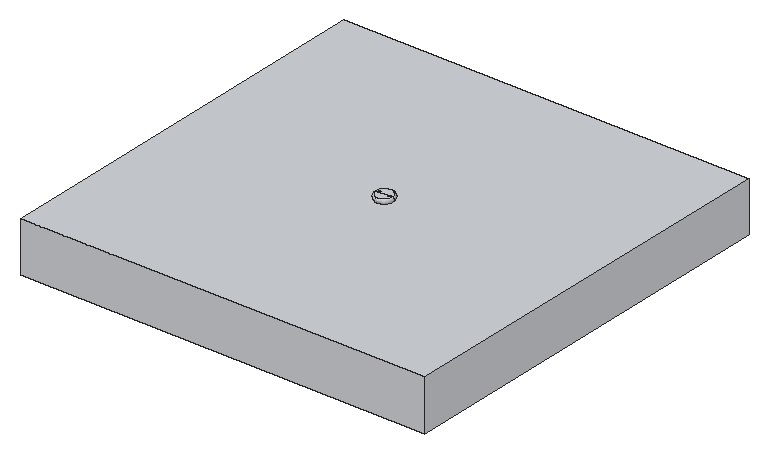
Revit family "M_Sensor de movimento do forro - Baixa voltagem", category Dispositivos de iluminação, Revit 2019
Family settings
  Hospedeiro = Face
  Manter orientação da anotação = Sim
  Cota do conector redondo = Utilizar diâmetro
  Tipo de parte = Interruptor
  Número OmniClass = 23.85.80.11.27
  Título OmniClass = Lighting Controls
  ID de item do Seek = Ceiling Occupancy Sensor - Low Voltage-0000-CAN-ENU
  Corte com vazios quando carregada = Não
  Compartilhado = Não
  Ponto de cálculo do ambiente = Não
Parameters (values of type "Ultra sônico")
  Visibilidade 2 = no
  Visibilidade 3 = yes
  Visibilidade 1 = no
  Material da Lente = none
  Elevação-padrão = 1200 mm
  Raio do recobrimento = 57 mm
  Material do recobrimento = none
  Altura do recobrimento = 25 mm
  Diâmetro do recobrimento = Raio do recobrimento * 2  # 114 mm
Types (4, lengths in mm): name | Visibilidade 2 | Visibilidade 3 | Visibilidade 1
  (no name) | no | yes | no
  Infravermelho passivo | yes | no | yes
  Ultra sônico | no | yes | no
  Tecnologia dual | yes | yes | no
Reference planes
  plane 1 "Centro (Frente/Trás)": y = 0
  plane 2: z = 0
  plane 3 "Centro (Esquerda/Direita)": x = 0
  plane 4: x = 57
  plane 5: x = -57
  plane 6: x = -50.8
  plane 7: x = 50.8
  plane 8: z = 25
  plane 9: z = 12.5
  plane 10: x = 19.05
  plane 11: x = -31.75
  plane 12: x = 31.75
  plane 13: y = 57
  plane 14: y = -57
Forms (mm)
  Extrusion 1, solid
    sketch origin (0, 0, 0) x (1, 0, 0) y (0, 1, 0)
      loop
        line (-1219.2, 1219.2) -> (-1219.2, -1219.2) -> (1219.2, -1219.2) -> (1219.2, 1219.2) -> (-1219.2, 1219.2)
    from 0 to -304.8
  Revolve 2, solid, material <- "Material do recobrimento", visible <- "Visibilidade 3"
    sketch origin (0, 0, 0) x (1, 0, 0) y (0, 0, 1)
      loop
        arc (-50.8, 25) -> (-56.99, 12.5) -> (-50.8, 0) r 15.715
        line (-50.8, 0) -> (0, 0) -> (0, 25) -> (-50.8, 25)
      axis (0, 25) -> (0, 0)
    angle from 0 to 360
  Revolve 3, solid, material <- "Material da Lente", visible <- "Visibilidade 2"
    sketch origin (0, 0, 0) x (1, 0, 0) y (0, 0, 1)
      loop
        line (0, 25) -> (19.05, 25)
        arc (19.05, 25) -> (10.053, 29.78) -> (0, 31.431) r 31.431
        line (0, 31.431) -> (0, 25)
      axis (0, 31.431) -> (0, 25)
    angle from 0 to 360
  Extrusion 4, void
    sketch origin (0, 0, 0) x (1, 0, 0) y (0, 1, 0)
      loop
        circle (-31.75, 0) r 6.35
    from 12.5 to 25
  Extrusion 5, void
    sketch origin (0, 0, 0) x (1, 0, 0) y (0, 1, 0)
      loop
        circle (31.75, 0) r 6.35
    from 12.5 to 25
  Revolve 6, solid, material <- "Material do recobrimento", visible <- "Visibilidade 1"
    sketch origin (0, 0, 0) x (1, 0, 0) y (0, 0, 1)
      loop
        arc (-50.8, 25) -> (-56.99, 12.5) -> (-50.8, 0) r 15.715
        line (-50.8, 0) -> (0, 0) -> (0, 25) -> (-50.8, 25)
      axis (0, 25) -> (0, 0)
    angle from 0 to 360
Cuts and joins
  Extrusion 4, Extrusion 5 cuts Revolve 2
Lines and regions (mm)
  symbolic lines, detail levels coarse+medium
    curve 1: line (-57, 0, 0) -> (0, 57, 0)
    curve 2: line (0, 57, 0) -> (57, 0, 0)
    curve 3: line (57, 0, 0) -> (0, -57, 0)
    curve 4: line (0, -57, 0) -> (-57, 0, 0)
  symbolic lines, detail levels fine
    curve 5: circle (0, 0, 0) r 57 normal (0, 0, 1)
    curve 6: circle (0, 0, 0) r 50.8 normal (0, 0, 1)
  symbolic lines, visible <- "Visibilidade 2", detail levels fine
    curve 7: circle (0, 0, 0) r 19.05 normal (0, 0, 1)
  symbolic lines, visible <- "Visibilidade 3", detail levels fine
    curve 8: circle (31.75, 0, 0) r 6.35 normal (0, 0, 1)
    curve 9: circle (-31.75, 0, 0) r 6.35 normal (0, 0, 1)
Dimensions and locks
  equal spacing: plane 5, plane 3 "Centro (Esquerda/Direita)", plane 4
  "Diâmetro do recobrimento": plane 5 to plane 4
  plane 7 to plane 3 "Centro (Esquerda/Direita)" to plane 6 = 50.8 mm locked, 50.8 mm locked
  locked: plane 10 to plane 3 "Centro (Esquerda/Direita)" at 19.05
  plane 11 to plane 3 "Centro (Esquerda/Direita)" to plane 12 = 31.75 mm locked, 31.75 mm locked
  equal spacing: plane 14, plane 1 "Centro (Frente/Trás)", plane 13
  "Diâmetro do recobrimento": plane 14 to plane 13
  equal spacing: plane 8, plane 9, plane 2
  "Altura do recobrimento": plane 8 to plane 2
  radius of Extrusion 4 sketch curve = 6.35 mm
  radius of Extrusion 5 sketch curve = 6.35 mm
  "Raio do recobrimento": radius of curve 5
  radius of curve 6 = 50.8 mm
  radius of curve 7 = 19.05 mm
  radius of curve 8 = 6.35 mm
  radius of curve 9 = 6.35 mm
  aligned and locked: plane 2 to Extrusion 1
  aligned and locked: level to Extrusion 1
  aligned and locked: Revolve 2 sketch curve to plane 8
  aligned and locked: Extrusion 1 to Revolve 2 sketch curve  (x2)
  aligned and locked: Revolve 2 sketch curve to plane 3 "Centro (Esquerda/Direita)"  (x2)
  aligned and locked: plane 6 to Revolve 2 sketch curve  (x2)
  aligned and locked: plane 8 to Revolve 2 sketch curve
  aligned and locked: Revolve 3 sketch curve to plane 8
  aligned and locked: plane 10 to Revolve 3 sketch curve
  aligned and locked: plane 3 "Centro (Esquerda/Direita)" to Revolve 3 sketch curve
  aligned and locked: Revolve 3 sketch curve to plane 3 "Centro (Esquerda/Direita)"
  aligned and locked: plane 8 to Revolve 3 sketch curve
  aligned and locked: plane 1 "Centro (Frente/Trás)" to Extrusion 4 sketch curve
  aligned and locked: plane 11 to Extrusion 4 sketch curve
  aligned and locked: plane 1 "Centro (Frente/Trás)" to Extrusion 5 sketch curve
  aligned and locked: plane 12 to Extrusion 5 sketch curve
  aligned and locked: plane 8 to cut or joined group of Revolve 2, Extrusion 4, Extrusion 5
  aligned and locked: plane 8 to Extrusion 4
  aligned and locked: Extrusion 4 to plane 9
  aligned and locked: plane 8 to Extrusion 5
  aligned and locked: Extrusion 5 to plane 9
  aligned and locked: Revolve 6 sketch curve to plane 8
  aligned and locked: plane 2 to Revolve 6 sketch curve  (x2)
  aligned and locked: Revolve 6 sketch curve to plane 3 "Centro (Esquerda/Direita)"  (x2)
  aligned and locked: plane 6 to Revolve 6 sketch curve  (x2)
  aligned and locked: plane 8 to Revolve 6 sketch curve
  aligned and locked: plane 1 "Centro (Frente/Trás)" to nested 1
  aligned and locked: plane 3 "Centro (Esquerda/Direita)" to nested 1
  aligned and locked: plane 1 "Centro (Frente/Trás)" to curve 5
  aligned and locked: plane 3 "Centro (Esquerda/Direita)" to curve 5
  aligned and locked: plane 1 "Centro (Frente/Trás)" to curve 6
  aligned and locked: plane 3 "Centro (Esquerda/Direita)" to curve 6
  aligned and locked: plane 1 "Centro (Frente/Trás)" to curve 7
  aligned and locked: plane 3 "Centro (Esquerda/Direita)" to curve 7
  aligned and locked: plane 1 "Centro (Frente/Trás)" to curve 8
  aligned and locked: plane 1 "Centro (Frente/Trás)" to curve 9
  aligned and locked: plane 12 to curve 8
  aligned and locked: plane 11 to curve 9
Automatic sketch dimensions
  Extrusion 1 sketch curve to Extrusion 1 sketch curve = 2438.4 mm  (x2)
  plane 6 to Revolve 2 sketch curve = 9.525 mm
  Revolve 3 sketch curve to level = 0 mm
  Revolve 3 sketch curve to Revolve 3 sketch curve = 0 mm
  plane 6 to Revolve 6 sketch curve = 9.525 mm
  curve 3 to plane 3 "Centro (Esquerda/Direita)" = 0 mm
  curve 2 to plane 1 "Centro (Frente/Trás)" = 0 mm
Nested families
  nested 1: "M_Anotação de legenda 3-32" at (0, 0, 0), type "Anotação de legenda 3-32", detail levels coarse+medium
Connectors
  electrical at (0, 0, 25)
    settings: on Revolve 3, index 1, voltage 0 V, apparent load 0 VA, apparent load phase1 0 VA, apparent load phase2 0 VA, apparent load phase3 0 VA, power factor 1, load classification "Outros", number of poles 1, system type 13, power factor state 1, is connector primary yes, connector utility no, sub classification motor no, connector description ""
Definition of nested family "M_Anotação de legenda 3-32"
  Parameters
    Legenda = "M"
  Reference planes
    plane 1: y = 0
    plane 2: x = 0
  Text (mm)
    label "Legenda" at (0.095, -0.088, 0), shows "Legenda"
